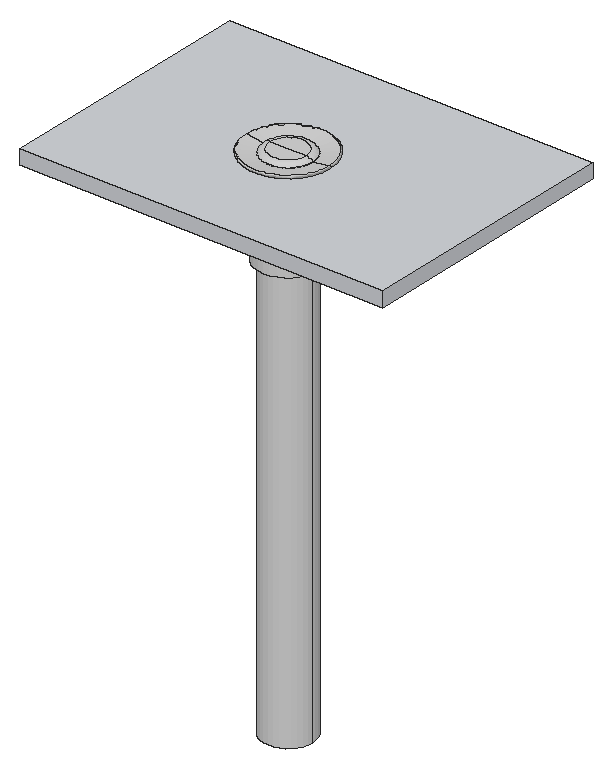
Revit family "23-DESAGUE PUSH PLAST SIN REBOSE", category Aparatos sanitarios, Revit 2018
Family settings
  Anfitrión = Cara
  Cota de conector redondo = Diámetro de uso
  Tipo de pieza = Normal
  Número OmniClass = 23.45.55.21
  Título OmniClass = Drains (Wastes)
  Corte con vacíos al cargar = No
  Compartido = No
  Punto de cálculo de habitación = No
Parameters
  Vida útil unidad = ""
  Vida útil = ""
  URL = ""
  Tráfico = "Residencial"
  Tipo de Activo = "Fijo"
  Tamaño = "55 x 31 x 345"
  Responsable Garantías Partes = "www.corona.com.co"
  Requerimientos Accesibilidad = "Manual"
  Presión mínima = ""
  Presión Máxima = ""
  Número Modelo = "935405551"
  Nombre del Fabricante = "Corona"
  Nombre = "Desagüe largo"
  Model = ""
  Material de Fabricación = "Plástico"
  Material Acabado = Cromo-Corona
  Logitud Nominal = 55
  Forma = "Cilíndrica"
  Fabricante = "www.corona.com.co"
  Default Elevation = 0 mm
  Diámetro de conexión entrada = ""
  Diámetro de conexión Sanitaria = 0 mm
  Descripción IFC = "Desagüe largo plástico sin rebose"
  Descripción = "Plumbing Fixtures"
  Código de montaje = "D2010"
  Cumplimiento de Norma = ""
  Consumo de agua = ""
  Color = "Cromo"
  Caudal = ""
  Características = "Permite drenar rápidamente el agua. fácil instalación y mantenimiento, resistente a la corrosión"
  Ancho Nominal = 31
  Altura Nominal = 345
  Acabado = "Brillante"
Reference planes
  plane 1 "Center (Front/Back)": y = 0
  plane 2: z = 0
  plane 3 "Center (Left/Right)": x = 0
  plane 4: x = 0
  plane 5 "conexiones": z = -344.908
Forms (mm)
  Extrusion 1, solid
    sketch origin (0, 0, 0) x (1, 0, 0) y (0, 1, 0)
      loop
        line (-110.723, 90) -> (-110.723, -83.811) -> (129.852, -83.811) -> (129.852, 90) -> (-110.723, 90)
    from 0 to -9.713
  Revolve 2, solid, material "Cromo-Corona", detail levels medium+fine
    sketch origin (0, 0, 0) x (1, 0, 0) y (0, 0, 1)
      loop
        line (-27.349, -0.102) -> (-21.408, -1.694)
        arc (-21.408, -1.694) -> (-20.534, -2.237) -> (-20.107, -3.172) r 1.776
        line (-20.107, -3.172) -> (-20.107, -63.172) -> (-16.29, -64.808) -> (-16.29, -344.908) -> (0, -344.908) -> (0, 2.176) -> (-12.068, 2.176)
        arc (-12.068, 2.176) -> (-14.443, 1.6) -> (-16.29, 0) r 5.183
        line (-16.29, 0) -> (-27.429, 1.566)
        arc (-27.429, 1.566) -> (-27.998, 0.702) -> (-27.349, -0.102) r 0.877
      axis (0, 2.176) -> (0, -344.908)
    angle from 0 to 360
  Revolve 3, solid, material "Caucho Corona", detail levels medium+fine
    sketch origin (0, 0, 0) x (1, 0, 0) y (0, 0, 1)
      loop
        arc (-20.083, -18.098) -> (-23.908, -19.165) -> (-26.169, -22.429) r 5.847
        arc (-26.169, -22.429) -> (-26.421, -23.036) -> (-27.028, -23.287) r 0.859
        line (-27.028, -23.287) -> (-30.083, -23.287) -> (-30.083, -26.721) -> (-20.083, -26.721) -> (-20.083, -18.098)
      axis (0, -18.098) -> (0, -26.721)
    angle from 0 to 360
  Revolve 4, solid, material "Caucho Corona", detail levels medium+fine
    sketch origin (0, 0, 0) x (1, 0, 0) y (0, 0, 1)
      loop
        line (-20.148, -11.359) -> (-28.272, -11.359) -> (-28.272, -14.437) -> (-20.148, -14.437) -> (-20.148, -11.359)
      axis (0, -11.359) -> (0, -14.437)
    angle from 0 to 360
  Revolve 5, solid, material "Cromo-Corona", detail levels medium+fine
    sketch origin (0, 0, 0) x (1, 0, 0) y (0, 0, 1)
      loop
        line (-20.112, -33.175) -> (-29.247, -33.175)
        arc (-29.247, -33.175) -> (-31.925, -35.853) -> (-29.247, -38.531) r 2.678
        line (-29.247, -38.531) -> (-24.204, -38.531) -> (-24.204, -46.783)
        arc (-24.204, -46.783) -> (-23.549, -48.363) -> (-21.969, -49.018) r 2.235
        line (-21.969, -49.018) -> (-20.112, -49.018) -> (-20.112, -33.175)
      axis (0, -33.175) -> (0, -49.018)
    angle from 0 to 360
  Extrusion 6, solid, material "Cromo-Corona", detail levels medium+fine
    sketch origin (0, 0, 0) x (1, 0, 0) y (0, 0, 1)
      loop
        line (-27.809, -38.587) -> (-27.809, -42.853)
        arc (-27.809, -42.853) -> (-26.753, -45.401) -> (-24.205, -46.457) r 3.604
        line (-24.205, -46.457) -> (-24.205, -38.587) -> (-27.809, -38.587)
    from -2.748 to 2.764
  Extrusion 7, solid, material "Cromo-Corona", detail levels medium+fine
    sketch origin (0, 0, 0) x (-1, 0, 0) y (0, 0, -1)
      loop
        line (-27.809, 38.587) -> (-24.205, 38.587) -> (-24.205, 46.457)
        arc (-24.205, 46.457) -> (-26.753, 45.401) -> (-27.809, 42.853) r 3.604
        line (-27.809, 42.853) -> (-27.809, 38.587)
    from -2.748 to 2.764
  Extrusion 8, solid, material "Cromo-Corona", detail levels medium+fine
    sketch origin (0, 0, 0) x (0, -1, 0) y (0, 0, 1)
      loop
        line (-27.809, -38.587) -> (-27.809, -42.853)
        arc (-27.809, -42.853) -> (-26.753, -45.401) -> (-24.205, -46.457) r 3.604
        line (-24.205, -46.457) -> (-24.205, -38.587) -> (-27.809, -38.587)
    from -2.748 to 2.764
  Extrusion 9, solid, material "Cromo-Corona", detail levels medium+fine
    sketch origin (0, 0, 0) x (0, 1, 0) y (0, 0, -1)
      loop
        line (-27.809, 38.587) -> (-24.205, 38.587) -> (-24.205, 46.457)
        arc (-24.205, 46.457) -> (-26.753, 45.401) -> (-27.809, 42.853) r 3.604
        line (-27.809, 42.853) -> (-27.809, 38.587)
    from -2.748 to 2.764
  Extrusion 10, solid, material "Cromo-Corona", detail levels medium+fine
    sketch origin (0, 0, 0) x (-0.707107, -0.707107, 0) y (0, 0, 1)
      loop
        line (-27.809, -38.587) -> (-27.809, -42.853)
        arc (-27.809, -42.853) -> (-26.753, -45.401) -> (-24.205, -46.457) r 3.604
        line (-24.205, -46.457) -> (-24.205, -38.587) -> (-27.809, -38.587)
    from -2.748 to 2.764
  Extrusion 11, solid, material "Cromo-Corona", detail levels medium+fine
    sketch origin (0, 0, 0) x (-0.707107, 0.707107, 0) y (0, 0, -1)
      loop
        line (-27.809, 38.587) -> (-24.205, 38.587) -> (-24.205, 46.457)
        arc (-24.205, 46.457) -> (-26.753, 45.401) -> (-27.809, 42.853) r 3.604
        line (-27.809, 42.853) -> (-27.809, 38.587)
    from -2.748 to 2.764
  Extrusion 12, solid, material "Cromo-Corona", detail levels medium+fine
    sketch origin (0, 0, 0) x (0.707107, -0.707107, 0) y (0, 0, -1)
      loop
        line (-27.809, 38.587) -> (-24.205, 38.587) -> (-24.205, 46.457)
        arc (-24.205, 46.457) -> (-26.753, 45.401) -> (-27.809, 42.853) r 3.604
        line (-27.809, 42.853) -> (-27.809, 38.587)
    from -2.748 to 2.764
  Extrusion 13, solid, material "Cromo-Corona", detail levels medium+fine
    sketch origin (0, 0, 0) x (0.707107, 0.707107, 0) y (0, 0, 1)
      loop
        line (-27.809, -38.587) -> (-27.809, -42.853)
        arc (-27.809, -42.853) -> (-26.753, -45.401) -> (-24.205, -46.457) r 3.604
        line (-24.205, -46.457) -> (-24.205, -38.587) -> (-27.809, -38.587)
    from -2.748 to 2.764
  Extrusion 14, solid, material "Vidrio", detail levels coarse
    sketch origin (0, 0, 37.442) x (-1, 0, 0) y (0, -1, 0)
      loop
        circle (0, 0) r 28.309
    from -382.35 to -35.351
Lines and regions (mm)
  symbolic lines, not visible, detail levels fine
    curve 1: line (123.544, -93.571, 0) -> (117.5, -93.571, 0)
    curve 2: line (123.544, -78.861, 0) -> (117.5, -78.861, 0)
    curve 3: line (43.732, -73.023, 0) -> (48.933, -72.601, 0)
    curve 4: line (48.933, -99.831, 0) -> (43.732, -99.408, 0)
    curve 5: line (47.354, -71.693, 0) -> (130.699, -79.4, 0)
    curve 6: line (130.699, -93.032, 0) -> (47.354, -100.738, 0)
    curve 7: line (28.059, -67.475, 0) -> (43.538, -70.417, 0)
    curve 8: line (43.538, -102.014, 0) -> (28.059, -104.957, 0)
    curve 9: line (123.544, -93.571, 0) -> (126.243, -93.181, 0)
    curve 10: line (126.243, -79.251, 0) -> (123.544, -78.861, 0)
    curve 11: line (39.082, -98.159, 0) -> (39.082, -74.273, 0)
    curve 12: line (43.151, -70.344, 0) -> (43.151, -102.088, 0)
    curve 13: line (35.587, -86.216, 0) -> (65.659, -86.216, 0)
    curve 14: line (65.659, -86.216, 0) -> (35.587, -86.216, 0)
    curve 15: line (43.732, -73.023, 0) -> (43.732, -99.408, 0)
    curve 16: line (133.805, -86.216, 0) -> (127.594, -86.216, 0)
    curve 17: line (127.594, -86.216, 0) -> (133.805, -86.216, 0)
    curve 18: line (28.059, -67.475, 0) -> (28.059, -104.957, 0)
    curve 19: line (48.933, -99.831, 0) -> (48.933, -72.601, 0)
  symbolic lines, not visible, detail levels medium
    curve 20: line (43.151, -15.872, 0) -> (43.151, 15.872, 0)
    curve 21: line (43.538, 15.798, 0) -> (47.354, 14.522, 0)
    curve 22: line (47.354, 14.522, 0) -> (117.5, 7.355, 0)
    curve 23: line (117.5, 7.355, 0) -> (123.544, 7.355, 0)
    curve 24: line (123.544, 7.355, 0) -> (126.243, 6.965, 0)
    curve 25: line (126.243, 6.965, 0) -> (130.699, 6.816, 0)
    curve 26: line (130.699, 6.816, 0) -> (130.699, -6.816, 0)
    curve 27: line (130.699, -6.816, 0) -> (126.243, -6.965, 0)
    curve 28: line (126.243, -6.965, 0) -> (123.544, -7.355, 0)
    curve 29: line (123.544, -7.355, 0) -> (117.5, -7.355, 0)
    curve 30: line (117.5, -7.355, 0) -> (47.354, -14.522, 0)
    curve 31: line (47.354, -14.522, 0) -> (43.538, -15.798, 0)
  symbolic lines, not visible, detail levels coarse
    curve 32: line (0, 68.042, 0) -> (133.805, 68.042, 0)
    curve 33: line (133.805, 68.042, 0) -> (133.805, 117.031, 0)
    curve 34: line (133.805, 117.031, 0) -> (0, 117.031, 0)
    curve 35: line (0, 117.031, 0) -> (0, 68.042, 0)
  symbolic lines, detail levels coarse
    curve 36: line (0, 24.464, 0) -> (0, -21.713, 0)
    curve 37: line (23.213, 0, 0) -> (-23.29, 0, 0)
    curve 38: line (0, -93.204, 0) -> (0, 23.444, 0)
    curve 108: line (0, 31.722, 2.141) -> (0, -31.722, 2.141)
    curve 109: line (0, -31.722, 2.141) -> (0, -31.722, -344.908)
    curve 110: line (0, -31.722, -344.908) -> (0, 31.722, -344.908)
    curve 111: line (0, 31.722, -344.908) -> (0, 31.722, 2.141)
    curve 112: line (16.29, 0, -344.908) -> (-16.29, 0, -344.908)
    curve 113: line (-16.29, 0, -344.908) -> (-16.29, 0, -64.808)
    curve 114: line (-16.29, 0, -64.808) -> (-20.107, 0, -63.172)
    curve 140: line (16.29, 0, -344.908) -> (16.29, 0, -64.808)
    curve 141: line (16.29, 0, -64.808) -> (20.107, 0, -63.172)
    curve 173: line (-31.983, 0, 2.974) -> (31.983, 0, 2.974)
    curve 174: line (-31.983, 0, -344.908) -> (-31.983, 0, 2.974)
    curve 175: line (31.983, 0, -344.908) -> (-31.983, 0, -344.908)
    curve 176: line (31.983, 0, 2.974) -> (31.983, 0, -344.908)
  symbolic lines, detail levels medium+fine
    curve 39: spline (18.376, -15.399, 37.442) -> (18.46, -15.485, 37.442) -> (18.528, -15.742, 37.442) -> (18.578, -16.164, 37.442) -> (18.609, -16.739, 37.442) -> (18.62, -17.453, 37.442) -> (18.61, -18.288, 37.442) -> (18.581, -19.222, 37.442) -> (18.533, -20.231, 37.442) -> (18.466, -21.29, 37.442) -> (18.383, -22.371, 37.442) -> (18.286, -23.446, 37.442) -> (18.178, -24.489, 37.442)
    curve 40: arc (-20.141, 18.228, 37.442) -> (-18.367, 20.198, 37.442) -> (-16.4, 21.977, 37.442) r 25.944
    curve 41: arc (16.4, 21.977, 37.442) -> (18.323, 20.242, 37.442) -> (20.064, 18.323, 37.442) r 25.944
    curve 42: arc (20.064, -14.573, 37.442) -> (18.323, -16.492, 37.442) -> (16.4, -18.227, 37.442) r 25.944
    curve 43: line (0, -16.29, -344.908) -> (0, 16.29, -344.908)
    curve 44: line (0, 16.29, -344.908) -> (0, 16.29, -64.808)
    curve 45: line (0, 16.29, -64.808) -> (0, 20.107, -63.172)
    curve 46: line (0, 20.107, -63.172) -> (0, 20.107, -49.018)
    curve 47: line (0, 20.107, -49.018) -> (0, 22.332, -49.018)
    curve 48: arc (0, 22.332, -49.018) -> (0, 23.919, -48.213) -> (0, 24.205, -46.457) r 1.965
    curve 49: arc (0, 24.205, -46.457) -> (0, 26.753, -45.401) -> (0, 27.809, -42.853) r 3.604
    curve 50: line (0, 27.809, -42.853) -> (0, 27.809, -38.587)
    curve 51: line (0, 27.809, -38.587) -> (0, 29.548, -38.587)
    curve 52: arc (0, 29.548, -38.587) -> (0, 31.722, -35.848) -> (0, 29.548, -33.108) r 2.813
    curve 53: line (0, 29.548, -33.108) -> (0, 20.084, -33.108)
    curve 54: line (0, 20.084, -33.108) -> (0, 20.084, -26.721)
    curve 55: line (0, 20.084, -26.721) -> (0, 30.084, -26.721)
    curve 56: line (0, 30.084, -26.721) -> (0, 30.084, -23.3)
    curve 57: line (0, 30.084, -23.3) -> (0, 27.005, -23.3)
    curve 58: arc (0, 27.005, -23.3) -> (0, 26.389, -23.045) -> (0, 26.134, -22.429) r 0.871
    curve 59: arc (0, 26.134, -22.429) -> (0, 24.066, -19.304) -> (0, 20.534, -18.054) r 5.904
    curve 60: line (0, 20.534, -18.054) -> (0, 20.534, -14.437)
    curve 61: line (0, 20.534, -14.437) -> (0, 28.286, -14.437)
    curve 62: line (0, 28.286, -14.437) -> (0, 28.286, -11.398)
    curve 63: line (0, 28.286, -11.398) -> (0, 20.182, -11.398)
    curve 64: line (0, 20.182, -11.398) -> (0, 20.182, -3.172)
    curve 65: arc (0, 20.182, -3.172) -> (0, 20.653, -2.034) -> (0, 21.791, -1.562) r 1.61
    curve 66: line (0, 21.791, -1.562) -> (0, 27.623, 0)
    curve 67: arc (0, 27.623, 0) -> (0, 27.979, 0.839) -> (0, 27.429, 1.566) r 0.909
    curve 68: line (0, 27.429, 1.566) -> (0, 14.514, 1.566)
    curve 69: arc (0, 14.514, 1.566) -> (0, 13.48, 2.007) -> (0, 12.365, 2.141) r 3.968
    curve 70: line (0, 12.365, 2.141) -> (0, 0, 2.141)
    curve 71: line (0, -16.29, -344.908) -> (0, -16.29, -64.808)
    curve 72: line (0, -16.29, -64.808) -> (0, -20.107, -63.172)
    curve 73: line (0, -20.107, -63.172) -> (0, -20.107, -49.018)
    curve 74: line (0, -20.107, -49.018) -> (0, -22.332, -49.018)
    curve 75: arc (0, -22.332, -49.018) -> (0, -23.919, -48.213) -> (0, -24.205, -46.457) r 1.965
    curve 76: arc (0, -24.205, -46.457) -> (0, -26.753, -45.401) -> (0, -27.809, -42.853) r 3.604
    curve 77: line (0, -27.809, -42.853) -> (0, -27.809, -38.587)
    curve 78: line (0, -27.809, -38.587) -> (0, -29.548, -38.587)
    curve 79: arc (0, -29.548, -38.587) -> (0, -31.722, -35.848) -> (0, -29.548, -33.108) r 2.813
    curve 80: line (0, -29.548, -33.108) -> (0, -20.084, -33.108)
    curve 81: line (0, -20.084, -33.108) -> (0, -20.084, -26.721)
    curve 82: line (0, -20.084, -26.721) -> (0, -30.084, -26.721)
    curve 83: line (0, -30.084, -26.721) -> (0, -30.084, -23.3)
    curve 84: line (0, -30.084, -23.3) -> (0, -27.005, -23.3)
    curve 85: arc (0, -27.005, -23.3) -> (0, -26.389, -23.045) -> (0, -26.134, -22.429) r 0.871
    curve 86: arc (0, -26.134, -22.429) -> (0, -24.066, -19.304) -> (0, -20.534, -18.054) r 5.904
    curve 87: line (0, -20.534, -18.054) -> (0, -20.534, -14.437)
    curve 88: line (0, -20.534, -14.437) -> (0, -28.286, -14.437)
    curve 89: line (0, -28.286, -14.437) -> (0, -28.286, -11.398)
    curve 90: line (0, -28.286, -11.398) -> (0, -20.182, -11.398)
    curve 91: line (0, -20.182, -11.398) -> (0, -20.182, -3.172)
    curve 92: arc (0, -20.182, -3.172) -> (0, -20.653, -2.034) -> (0, -21.791, -1.562) r 1.61
    curve 93: line (0, -21.791, -1.562) -> (0, -27.623, 0)
    curve 94: arc (0, -27.623, 0) -> (0, -27.979, 0.839) -> (0, -27.429, 1.566) r 0.909
    curve 95: line (0, -27.429, 1.566) -> (0, -14.514, 1.566)
    curve 96: arc (0, -14.514, 1.566) -> (0, -13.48, 2.007) -> (0, -12.365, 2.141) r 3.968
    curve 97: line (0, -12.365, 2.141) -> (0, 0, 2.141)
    curve 98: line (0, 16.29, -64.808) -> (0, -16.29, -64.808)
    curve 99: line (0, -20.107, -49.018) -> (0, 20.107, -49.018)
    curve 100: line (0, -20.084, -33.108) -> (0, 20.084, -33.108)
    curve 101: line (0, -20.084, -26.721) -> (0, 20.084, -26.721)
    curve 102: line (0, -20.534, -18.054) -> (0, 20.534, -18.054)
    curve 103: line (0, 20.534, -14.437) -> (0, -20.534, -14.437)
    curve 104: line (0, -20.182, -11.398) -> (0, 20.182, -11.398)
    curve 105: line (0, 27.623, 0) -> (0, -27.623, 0)
    curve 106: line (0, 27.809, -38.587) -> (0, -27.809, -38.587)
    curve 107: line (0, -24.205, -46.457) -> (0, 24.205, -46.457)
    curve 115: line (-20.107, 0, -63.172) -> (-20.107, 0, -49.021)
    curve 116: line (-20.107, 0, -49.021) -> (-22.059, 0, -49.021)
    curve 117: arc (-22.059, 0, -49.021) -> (-23.731, 0, -48.24) -> (-24.205, 0, -46.457) r 2.18
    curve 118: arc (-24.205, 0, -46.457) -> (-26.753, 0, -45.401) -> (-27.809, 0, -42.853) r 3.604
    curve 119: line (-27.809, 0, -38.587) -> (-27.809, 0, -42.853)
    curve 120: line (-27.809, 0, -38.587) -> (-29.483, 0, -38.587)
    curve 121: arc (-29.483, 0, -38.587) -> (-32.193, 0, -35.877) -> (-29.483, 0, -33.168) r 2.71
    curve 122: line (-29.483, 0, -33.168) -> (20.074, 0, -33.168)
    curve 123: line (-20.074, 0, -33.168) -> (-20.074, 0, -26.692)
    curve 124: line (-20.074, 0, -26.692) -> (-30.074, 0, -26.692)
    curve 125: line (-30.074, 0, -26.692) -> (-30.074, 0, -23.295)
    curve 126: line (-30.074, 0, -23.295) -> (-26.941, 0, -23.295)
    curve 127: arc (-26.941, 0, -23.295) -> (-26.329, 0, -23.041) -> (-26.075, 0, -22.429) r 0.866
    curve 128: arc (-26.075, 0, -22.429) -> (-24.055, 0, -19.301) -> (-20.531, 0, -18.097) r 5.68
    curve 129: line (-20.531, 0, -18.097) -> (-20.531, 0, -14.437)
    curve 130: line (-20.531, 0, -14.437) -> (-28.272, 0, -14.437)
    curve 131: line (-28.272, 0, -14.437) -> (-28.272, 0, -11.359)
    curve 132: line (-28.272, 0, -11.359) -> (28.272, 0, -11.359)
    curve 133: line (-20.148, 0, -11.359) -> (-20.148, 0, -3.098)
    curve 134: arc (-20.148, 0, -3.098) -> (-20.494, 0, -2.172) -> (-21.364, 0, -1.7) r 1.412
    curve 135: line (-21.364, 0, -1.7) -> (-27.413, 0, -0.079)
    curve 136: arc (-27.413, 0, -0.079) -> (-28.042, 0, 0.741) -> (-27.413, 0, 1.561) r 0.849
    curve 137: line (-27.413, 0, 1.561) -> (-14.498, 0, 1.561)
    curve 138: arc (-14.498, 0, 1.561) -> (-13.391, 0, 2.034) -> (-12.195, 0, 2.178) r 4.254
    curve 139: line (-12.195, 0, 2.178) -> (0, 0, 2.178)
    curve 142: line (20.107, 0, -63.172) -> (20.107, 0, -49.021)
    curve 143: line (20.107, 0, -49.021) -> (22.059, 0, -49.021)
    curve 144: arc (22.059, 0, -49.021) -> (23.731, 0, -48.24) -> (24.205, 0, -46.457) r 2.18
    curve 145: arc (24.205, 0, -46.457) -> (26.753, 0, -45.401) -> (27.809, 0, -42.853) r 3.604
    curve 146: line (27.809, 0, -38.587) -> (27.809, 0, -42.853)
    curve 147: line (27.809, 0, -38.587) -> (29.483, 0, -38.587)
    curve 148: arc (29.483, 0, -38.587) -> (32.193, 0, -35.877) -> (29.483, 0, -33.168) r 2.71
    curve 149: line (29.483, 0, -33.168) -> (20.074, 0, -33.168)
    curve 150: line (20.074, 0, -33.168) -> (20.074, 0, -26.692)
    curve 151: line (20.074, 0, -26.692) -> (30.074, 0, -26.692)
    curve 152: line (30.074, 0, -26.692) -> (30.074, 0, -23.295)
    curve 153: line (30.074, 0, -23.295) -> (26.941, 0, -23.295)
    curve 154: arc (26.941, 0, -23.295) -> (26.329, 0, -23.041) -> (26.075, 0, -22.429) r 0.866
    curve 155: arc (26.075, 0, -22.429) -> (24.055, 0, -19.301) -> (20.531, 0, -18.097) r 5.68
    curve 156: line (20.531, 0, -18.097) -> (20.531, 0, -14.437)
    curve 157: line (-20.531, 0, -14.437) -> (28.272, 0, -14.437)
    curve 158: line (28.272, 0, -14.437) -> (28.272, 0, -11.359)
    curve 159: line (20.148, 0, -11.359) -> (20.148, 0, -3.098)
    curve 160: arc (20.148, 0, -3.098) -> (20.494, 0, -2.172) -> (21.364, 0, -1.7) r 1.412
    curve 161: line (21.364, 0, -1.7) -> (27.413, 0, -0.079)
    curve 162: arc (27.413, 0, -0.079) -> (28.042, 0, 0.741) -> (27.413, 0, 1.561) r 0.849
    curve 163: line (27.413, 0, 1.561) -> (14.498, 0, 1.561)
    curve 164: arc (14.498, 0, 1.561) -> (13.391, 0, 2.034) -> (12.195, 0, 2.178) r 4.254
    curve 165: line (12.195, 0, 2.178) -> (0, 0, 2.178)
    curve 166: line (20.531, 0, -18.097) -> (-20.531, 0, -18.097)
    curve 167: line (20.074, 0, -26.692) -> (-20.074, 0, -26.692)
    curve 168: line (27.809, 0, -38.587) -> (-27.809, 0, -38.587)
    curve 169: line (-24.205, 0, -46.457) -> (24.205, 0, -46.457)
    curve 170: line (20.107, 0, -49.021) -> (-20.107, 0, -49.021)
    curve 171: line (-20.107, 0, -63.172) -> (20.107, 0, -63.172)
    curve 172: line (16.29, 0, -64.808) -> (-16.29, 0, -64.808)
    curve 178: circle (0, 0, 37.442) r 16.29 normal (0, 0, -1)
  symbolic lines
    curve 177: circle (0, 0, 37.442) r 28.309 normal (0, 0, -1)
Dimensions and locks
  aligned and locked: plane 2 to Extrusion 1
  aligned and locked: level to Extrusion 1
Connectors
  piping at (0, 0, -344.908), diameter 31.8
    settings: index 1, connector inside diameter 24", connector length 0 mm, flow factor 0, pipe flow 0 GPM, pressure drop 0.00 psi, fitting loss kfactor 0, connector angle 0.00°, fixture units 0, engagement length 0 mm, angle of deflection 0.00°, flow configuration 0, flow direction 2, fitting loss method 0, system type 16, joint type 0, gender type 0, connector reference index -1, connector utility 0, adjustable connector no, is connector primary yes, connector description ""
